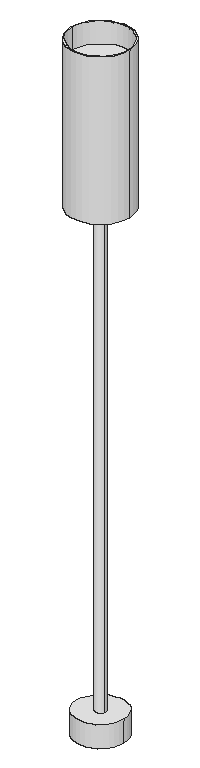
Revit family "Lighting-Suspended-Acclaim-Cylinder One HO", category Lighting Fixtures, host Face, Revit 2016
Family settings
  Host = Face
  Part Type = Normal
  Round Connector Dimension = Use Diameter
  Cut with Voids When Loaded = No
  Light Source = Yes
  Shared = No
  Room Calculation Point = No
Parameters
  Wattage = 9.2903 W
  built-in parameter 1150110 = 1 (stored number, unit not read)
  Voltage = 0 V
  URL = "http://www.acclaimlighting.com/"
  built-in parameter 1114217 = 1 (stored number, unit not read)
  Tilt Angle = -90.00°
  built-in parameter 1150109 = 1 (stored number, unit not read)
  built-in parameter 1150134 = 3
  Suspension Length = 1219.20 mm
  built-in parameter 1150113 = 1 (stored number, unit not read)
  Power Factor = 1
  Photometric Web File = "Load File"
  Number of Poles = 1
  built-in parameter 1150142 = (empty or 0)
  Model = "Cylinder One HO"
  Manufacturer = "Acclaim Lighting"
  built-in parameter 1150105 = 109.82 (stored number, unit not read)
  Lumens = 1380 lm
  built-in parameter 1150115 = 1 (stored number, unit not read)
  built-in parameter 1150137 = (empty or 0)
  built-in parameter 1150139 = (empty or 0)
  built-in parameter 1150112 = 1 (stored number, unit not read)
  built-in parameter 1150114 = 1 (stored number, unit not read)
  Lamp = "LED"
  built-in parameter 1150132 = (empty or 0)
  built-in parameter 1150102 = (empty or 0)
  built-in parameter 1150107 = 3200 (stored number, unit not read)
  built-in parameter 1150138 = (empty or 0)
  built-in parameter 1150106 = 1.0982 (stored number, unit not read)
  Housing Finish = Aluminum
  Height = 386.00 mm
  Emit from Circle Diameter = 152.00 mm
  Emit Shape Visible in Rendering = no
  built-in parameter 1150104 = 13.8 (stored number, unit not read)
  Dimming Lamp Color Temperature Shift = <None>
  Description = "Suspended Cylinder"
  Default Elevation = 1219.20 mm
  Color Filter = 16777215
  built-in parameter 1114218 = 1 (stored number, unit not read)
  built-in parameter 1150133 = 10 (stored number, unit not read)
  Apparent Load = 0 VA
Reference planes
  plane 1 "Center (Front/Back)": y = 0
  plane 2: z = 0
  plane 3 "Center (Left/Right)": x = 0
  plane 4: x = 0
  plane 5: x = -191.79
  plane 6: x = 191.79
  plane 7: z = 1219.2
  plane 8: z = 55
Forms (mm)
  Extrusion 1, solid, material "Trim"
    sketch origin (0, 0, 0) x (1, 0, 0) y (0, 1, 0)
      loop
        circle (0, 0) r 12.7
    from 0 to 1219.2
  Extrusion 2, solid, material "Aluminum"
    sketch origin (0, 0, 0) x (1, 0, 0) y (0, 1, 0)
      loop
        circle (0, 0) r 61.5
    from 0 to 55
  Extrusion 3, solid, material "Aluminum"
    sketch origin (0, 0, 0) x (1, 0, 0) y (0, 1, 0)
      loop
        circle (0, 0) r 76
    from 1219.2 to 1605.2
  Extrusion 4, void
    sketch origin (0, 0, 0) x (1, 0, 0) y (0, 1, 0)
      loop
        circle (0, 0) r 72.961
    from 1553.707 to 1605.2
Cuts and joins
  Extrusion 4 cuts Extrusion 1
  Extrusion 4 cuts Extrusion 2
  Extrusion 4 cuts Extrusion 3
Dimensions and locks
  "Suspension Length": plane 7 to host face
  "Height": Extrusion 3 to plane 7
  locked: imposter light to plane 7 at 386
  locked: Extrusion 4 to Extrusion 3 at 51.493
  diameter of Extrusion 2 sketch curve = 123.00 mm
  diameter of Extrusion 3 sketch curve = 152.00 mm
  diameter of Extrusion 4 sketch curve = 145.921 mm
  aligned and locked: plane 2 to host face
  aligned and locked: level to host face
  aligned and locked: plane 7 to Extrusion 1
  aligned and locked: Extrusion 1 to host face
  aligned and locked: imposter light to plane 1 "Center (Front/Back)"
  aligned and locked: Extrusion 3 to plane 7
  aligned and locked: imposter light to Extrusion 4
Automatic sketch dimensions
  host sketch curve to host sketch curve = 2438.40 mm  (x2)
  plane 1 "Center (Front/Back)" to Extrusion 1 sketch curve = 0.00 mm
  Extrusion 1 sketch curve to plane 3 "Center (Left/Right)" = 0.00 mm
  plane 1 "Center (Front/Back)" to Extrusion 2 sketch curve = 0.00 mm
  Extrusion 2 sketch curve to plane 3 "Center (Left/Right)" = 0.00 mm
  plane 1 "Center (Front/Back)" to Extrusion 3 sketch curve = 0.00 mm
  Extrusion 3 sketch curve to plane 3 "Center (Left/Right)" = 0.00 mm
  plane 1 "Center (Front/Back)" to Extrusion 4 sketch curve = 0.00 mm
  Extrusion 4 sketch curve to plane 3 "Center (Left/Right)" = 0.00 mm
  radius of Extrusion 1 sketch curve = 12.70 mm
Connectors
  electrical at (0, 0, 0), driven by "Number of Poles", driven by "Voltage", driven by "Apparent Load", driven by "Power Factor"
    settings: on Extrusion 2, index 1, voltage 0 V, apparent load 0 VA, apparent load phase1 0 VA, apparent load phase2 0 VA, apparent load phase3 0 VA, power factor 1, load classification "Other", number of poles 1, system type 31, power factor state 1, is connector primary yes, connector utility no, sub classification motor no, connector description ""
